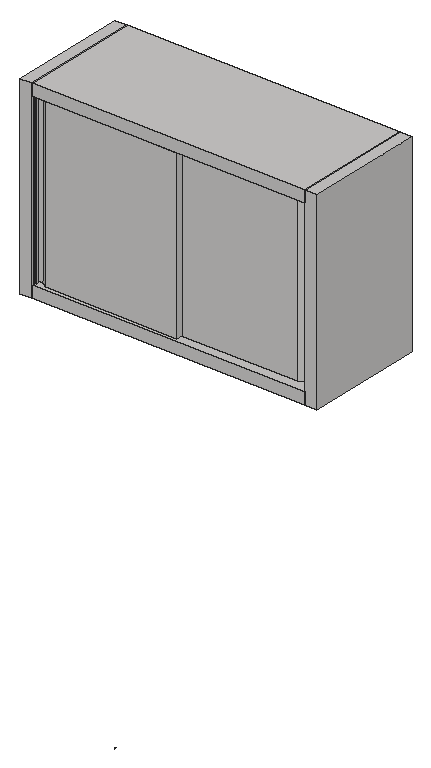
Revit family "QF_ELECTROLUXPROFESSIONAL_133209_PSS1000LCN", category Attrezzature speciali, Revit 2020
Family settings
  Quota connettore circolare = Usa diametro
  Tipo di parte = Normale
  Basato su piano di lavoro = No
  Sempre verticale = Sì
  Taglio con vuoti quando caricato = No
  Condiviso = No
  Punto di calcolo locali = No
Parameters (values of type "Standard")
  Weight = 24.00 kg
  Watts = 0 W
  Volts = 0 V
  URL Manufacturer = "https://www.electroluxprofessional.com/"
  URL = "https://www.electroluxprofessional.com/"
  Steam Supply Size = 0 mm
  Steam Supply Minimum Pressure = 0.0 Pa
  Steam Supply Maximum Pressure = 0.0 Pa
  Steam Consumption per Hour = 0
  Refrigeration Suction Line Size = 0.0 mm
  Refrigeration Liquid Line Size = 0.0 mm
  Refrigerant Compressor Remote = yes
  Prospetto di default = 0.0 mm
  Phase = 0
  Modello = "PSS1000LCN"
  Produttore = "Electrolux Professional"
  Length Actual = 1000.0 mm  # constant formula
  Item Number = "133209"
  Hot Water Size = 0 mm
  Height Actual = 650.0 mm  # constant formula
  HP = "0 HP"
  Gas Size = 0 mm
  Gas KW = 0
  Gas Input Pressure = 0 W
  Direct Waste Size = 0 mm
  Descrizione = "WALL CUPBOARD+ PLATE RACK 2 DOORS 1000MM"
  Depth Actual = 400.0 mm  # constant formula
  Cycle = 0 Hz
  Condensate Return Size = 0 mm
  Compressed Air Volume = 0.0 L/s
  Compressed Air Size = 0 mm
  Compressed Air Pressure = 0.0 Pa
  Cold Water Size = 0 mm
  Accessory = yes
Reference planes
  plane 1 "Center (Front/Back)": y = 0
  plane 2: z = 0
  plane 3 "Center (Left/Right)": x = -300
  plane 4 "LEFT": x = -800
  plane 5 "RIGHT": x = 200
  plane 6 "BACK": y = 200
  plane 7 "FRONT": y = -200
  plane 8 "Base": z = 2200
  plane 9 "BASE": z = 1550
  plane 10: x = -760
  plane 11: x = 160
  plane 12: y = -197
  plane 13: y = 150
  plane 14: y = 197
Forms (mm)
  Extrusion 1, solid, material "QF_Finishes_Stainless Steel"
    sketch origin (0, 0, 1550) x (-1, 0, 0) y (0, -1, 0)
      loop
        line (800, -200) -> (800, 200) -> (760, 200) -> (760, -200) -> (800, -200)
      loop
        line (-160, -200) -> (-160, 200) -> (-200, 200) -> (-200, -200) -> (-160, -200)
    from 0 to 650
  Extrusion 2, solid, material "QF_Finishes_Stainless Steel"
    sketch origin (0, 0, 1550) x (-1, 0, 0) y (0, -1, 0)
      loop
        line (760, -150) -> (760, 200) -> (-160, 200) -> (-160, -150) -> (760, -150)
    from 0 to 40
  Extrusion 3, solid, material "QF_Finishes_Stainless Steel"
    sketch origin (0, 0, 0) x (1, 0, 0) y (0, 1, 0)
      loop
        line (-760, -200) -> (160, -200) -> (160, 200) -> (-760, 200) -> (-760, -200)
    from 2160 to 2200
  Extrusion 4, solid, material "QF_Finishes_Stainless Steel"
    sketch origin (0, 0, 0) x (1, 0, 0) y (0, 1, 0)
      loop
        line (-273.481, -197) -> (-273.481, -177) -> (-757, -177) -> (-757, -197) -> (-747, -197) -> (-747, -194) -> (-754, -194) -> (-754, -182) -> (-737, -182) -> (-717, -197) -> (-273.481, -197)
    from 1597 to 2160
  Extrusion 5, solid, material "QF_Finishes_Stainless Steel"
    sketch origin (0, 0, 0) x (1, 0, 0) y (0, 1, 0)
      loop
        line (-326.5, -177) -> (117, -177) -> (137, -162) -> (154, -162) -> (154, -174) -> (147, -174) -> (147, -177) -> (157, -177) -> (157, -157) -> (-326.5, -157) -> (-326.5, -177)
    from 2160 to 1597
  Extrusion 6, solid, material "QF_Finishes_Stainless Steel"
    sketch origin (0, 0, 0) x (1, 0, 0) y (0, 1, 0)
      loop
        line (-273.481, 197) -> (-717, 197) -> (-737, 182) -> (-754, 182) -> (-754, 194) -> (-747, 194) -> (-747, 197) -> (-757, 197) -> (-757, 177) -> (-273.481, 177) -> (-273.481, 197)
    from 1597 to 2160
  Extrusion 7, solid, material "QF_Finishes_Stainless Steel"
    sketch origin (0, 0, 0) x (1, 0, 0) y (0, 1, 0)
      loop
        line (-326.5, 177) -> (-326.5, 157) -> (157, 157) -> (157, 177) -> (147, 177) -> (147, 174) -> (154, 174) -> (154, 162) -> (137, 162) -> (117, 177) -> (-326.5, 177)
    from 2160 to 1597
  Extrusion 8, solid, material "QF_Finishes_Stainless Steel"
    sketch origin (0, 0, 0) x (1, 0, 0) y (0, 1, 0)
      loop
        line (-800, 200) -> (-800, 199) -> (-799, 199) -> (-799, 200) -> (-800, 200)
    from 0 to 1
Lines and regions (mm)
  symbolic lines, style "SpecialityEquipmentHiddenLines"
    curve 1: line (157, -157, 0) -> (-326.5, -157, 0)
    curve 2: line (-326.5, -157, 0) -> (-326.5, -177, 0)
    curve 3: line (117, -177, 0) -> (-757, -177, 0)
    curve 4: line (-273.5, -177, 0) -> (-273.5, -197, 0)
    curve 5: line (-757, -177, 0) -> (-757, -197, 0)
    curve 6: line (-755, -182, 0) -> (-754, -182, 0)
    curve 20: line (157, 157, 0) -> (-326.5, 157, 0)
    curve 21: line (-326.5, 157, 0) -> (-326.5, 177, 0)
    curve 22: line (117, 177, 0) -> (-757, 177, 0)
    curve 23: line (-273.5, 177, 0) -> (-273.5, 197, 0)
    curve 24: line (-757, 177, 0) -> (-757, 197, 0)
    curve 25: line (-755, 182, 0) -> (-754, 182, 0)
    curve 41: line (-717, -197, 0) -> (-273.5, -197, 0)
    curve 42: line (-757, -197, 0) -> (-747, -197, 0)
    curve 43: line (-747, 197, 0) -> (-757, 197, 0)
    curve 44: line (-717, 197, 0) -> (-273.5, 197, 0)
  symbolic lines
    curve 7: line (-800, 200, 0) -> (200, -200, 0)
    curve 8: line (200, 200, 0) -> (-800, -200, 0)
    curve 9: line (-755, -182, 0) -> (-717, -197, 0)
    curve 10: line (-754, -182, 0) -> (-754, -194, 0)
    curve 11: line (-754, -194, 0) -> (-747, -194, 0)
    curve 12: line (-747, -194, 0) -> (-747, -197, 0)
    curve 13: line (157, -157, 0) -> (157, -177, 0)
    curve 14: line (157, -177, 0) -> (147, -177, 0)
    curve 15: line (147, -177, 0) -> (147, -174, 0)
    curve 16: line (147, -174, 0) -> (154, -174, 0)
    curve 17: line (154, -174, 0) -> (154, -162, 0)
    curve 18: line (154, -162, 0) -> (137, -162, 0)
    curve 19: line (117, -177, 0) -> (137, -162, 0)
    curve 26: line (-755, 182, 0) -> (-717, 197, 0)
    curve 27: line (-754, 182, 0) -> (-754, 194, 0)
    curve 28: line (-754, 194, 0) -> (-747, 194, 0)
    curve 29: line (-747, 194, 0) -> (-747, 197, 0)
    curve 30: line (157, 157, 0) -> (157, 177, 0)
    curve 31: line (157, 177, 0) -> (147, 177, 0)
    curve 32: line (147, 177, 0) -> (147, 174, 0)
    curve 33: line (147, 174, 0) -> (154, 174, 0)
    curve 34: line (154, 174, 0) -> (154, 162, 0)
    curve 35: line (154, 162, 0) -> (137, 162, 0)
    curve 36: line (117, 177, 0) -> (137, 162, 0)
    curve 37: line (-800, 200, 0) -> (200, 200, 0)
    curve 38: line (-800, -200, 0) -> (-800, 200, 0)
    curve 39: line (200, -200, 0) -> (-800, -200, 0)
    curve 40: line (200, 200, 0) -> (200, -200, 0)
Dimensions and locks
  plane 4 "LEFT" to plane 5 "RIGHT" = 1000.0 mm
  equal spacing: plane 4 "LEFT", plane 3 "Center (Left/Right)", plane 5 "RIGHT"
  plane 6 "BACK" to plane 7 "FRONT" = 400.0 mm
  equal spacing: plane 6 "BACK", plane 1 "Center (Front/Back)", plane 7 "FRONT"
  plane 9 "BASE" to level = 1550.0 mm
  locked: plane 4 "LEFT" to plane 10 at 40
  locked: plane 11 to plane 5 "RIGHT" at 40
  plane 12 to plane 7 "FRONT" = 3.0 mm
  plane 6 "BACK" to plane 13 = 50.0 mm
  locked: plane 8 "Base" to plane 9 "BASE" at 650
  aligned and locked: level to plane 2
  aligned and locked: plane 8 "Base" to Extrusion 1
  aligned and locked: plane 6 "BACK" to Extrusion 1 sketch curve
  aligned and locked: Extrusion 1 sketch curve to plane 6 "BACK"
  aligned and locked: plane 7 "FRONT" to Extrusion 1 sketch curve
  aligned and locked: Extrusion 1 sketch curve to plane 7 "FRONT"
  aligned and locked: plane 10 to Extrusion 1
  aligned and locked: Extrusion 1 to plane 11
  aligned and locked: Extrusion 2 to plane 10
  aligned and locked: plane 11 to Extrusion 2
  aligned and locked: plane 8 "Base" to Extrusion 3
  aligned and locked: Extrusion 2 to plane 13
  aligned and locked: Extrusion 3 to plane 7 "FRONT"
  aligned and locked: Extrusion 2 to plane 7 "FRONT"
Automatic sketch dimensions
  Extrusion 1 sketch curve to plane 5 "RIGHT" = 0.0 mm
  Extrusion 1 sketch curve to plane 11 = 0.0 mm
  Extrusion 1 sketch curve to plane 10 = 0.0 mm
  Extrusion 1 sketch curve to plane 4 "LEFT" = 0.0 mm
  Extrusion 2 sketch curve to plane 11 = 0.0 mm
  Extrusion 2 sketch curve to plane 10 = 0.0 mm
  plane 13 to Extrusion 2 sketch curve = 0.0 mm
  Extrusion 2 sketch curve to plane 12 = 3.0 mm
  Extrusion 3 sketch curve to plane 10 = 0.0 mm
  Extrusion 3 sketch curve to plane 11 = 0.0 mm
  Extrusion 3 sketch curve to plane 12 = 3.0 mm
  Extrusion 3 sketch curve to plane 14 = 3.0 mm
  Extrusion 4 sketch curve to plane 12 = 0.0 mm  (x2)
  plane 10 to Extrusion 4 sketch curve = 3.0 mm
  Extrusion 4 sketch curve to Extrusion 4 sketch curve = 3.0 mm
  Extrusion 4 sketch curve to Extrusion 4 sketch curve = 7.0 mm
  Extrusion 4 sketch curve to Extrusion 4 sketch curve = 10.0 mm
  plane 3 "Center (Left/Right)" to Extrusion 4 sketch curve = 26.519 mm
  plane 12 to Extrusion 4 sketch curve = 3.0 mm
  Extrusion 4 sketch curve to Extrusion 4 sketch curve = 12.0 mm
  Extrusion 4 sketch curve to Extrusion 4 sketch curve = 20.0 mm  (x2)
  Extrusion 4 sketch curve to Extrusion 4 sketch curve = 0.0 mm
  Extrusion 5 sketch curve to plane 3 "Center (Left/Right)" = 26.5 mm
  plane 12 to Extrusion 5 sketch curve = 20.0 mm  (x2)
  Extrusion 5 sketch curve to plane 11 = 43.0 mm
  Extrusion 5 sketch curve to plane 11 = 23.0 mm
  Extrusion 5 sketch curve to plane 11 = 13.0 mm
  Extrusion 5 sketch curve to plane 11 = 6.0 mm
  Extrusion 5 sketch curve to plane 11 = 3.0 mm
  Extrusion 5 sketch curve to Extrusion 5 sketch curve = 3.0 mm
  Extrusion 5 sketch curve to Extrusion 5 sketch curve = 12.0 mm
  Extrusion 5 sketch curve to Extrusion 5 sketch curve = 20.0 mm
  plane 14 to Extrusion 6 sketch curve = 0.0 mm  (x2)
  Extrusion 6 sketch curve to plane 10 = 3.0 mm
  Extrusion 6 sketch curve to Extrusion 6 sketch curve = 3.0 mm
  Extrusion 6 sketch curve to Extrusion 6 sketch curve = 7.0 mm
  Extrusion 6 sketch curve to Extrusion 6 sketch curve = 10.0 mm
  Extrusion 6 sketch curve to plane 3 "Center (Left/Right)" = 26.519 mm
  Extrusion 6 sketch curve to plane 14 = 3.0 mm
  Extrusion 6 sketch curve to Extrusion 6 sketch curve = 12.0 mm
  Extrusion 6 sketch curve to Extrusion 6 sketch curve = 20.0 mm  (x2)
  Extrusion 6 sketch curve to Extrusion 6 sketch curve = 0.0 mm
  plane 3 "Center (Left/Right)" to Extrusion 7 sketch curve = 26.5 mm
  Extrusion 7 sketch curve to plane 14 = 20.0 mm  (x2)
  plane 11 to Extrusion 7 sketch curve = 43.0 mm
  plane 11 to Extrusion 7 sketch curve = 23.0 mm
  plane 11 to Extrusion 7 sketch curve = 13.0 mm
  plane 11 to Extrusion 7 sketch curve = 6.0 mm
  plane 11 to Extrusion 7 sketch curve = 3.0 mm
  Extrusion 7 sketch curve to Extrusion 7 sketch curve = 3.0 mm
  Extrusion 7 sketch curve to Extrusion 7 sketch curve = 12.0 mm
  plane 13 to Extrusion 7 sketch curve = 7.0 mm
  Extrusion 8 sketch curve to plane 6 "BACK" = 0.0 mm
  Extrusion 8 sketch curve to plane 4 "LEFT" = 0.0 mm
  plane 4 "LEFT" to Extrusion 8 sketch curve = 1.0 mm
  Extrusion 8 sketch curve to plane 6 "BACK" = 1.0 mm
  curve 39 to plane 4 "LEFT" = 0.0 mm
  curve 5 to plane 12 = 0.0 mm
  plane 14 to curve 24 = 0.0 mm
  curve 41 to plane 12 = 0.0 mm
  plane 14 to curve 26 = 0.0 mm
  curve 40 to plane 5 "RIGHT" = 0.0 mm
  curve 7 to plane 7 "FRONT" = 0.0 mm
  curve 7 to plane 6 "BACK" = 0.0 mm
  plane 10 to curve 24 = 3.0 mm
  plane 10 to curve 5 = 3.0 mm
  curve 24 to curve 27 = 3.0 mm
  curve 3 to curve 6 = 3.0 mm
  plane 12 to curve 12 = 3.0 mm
  curve 10 to curve 12 = 7.0 mm
  curve 27 to curve 29 = 7.0 mm
  curve 12 to curve 41 = 30.0 mm
  curve 29 to curve 26 = 30.0 mm
  curve 1 to plane 3 "Center (Left/Right)" = 26.5 mm
  curve 20 to plane 13 = 7.0 mm
  curve 20 to plane 3 "Center (Left/Right)" = 26.5 mm
  plane 3 "Center (Left/Right)" to curve 23 = 26.5 mm
  plane 3 "Center (Left/Right)" to curve 41 = 26.5 mm
  plane 12 to curve 3 = 20.0 mm
  curve 3 to plane 11 = 43.0 mm
  plane 14 to curve 36 = 20.0 mm
  curve 36 to plane 11 = 43.0 mm
  curve 36 to plane 11 = 23.0 mm
  curve 18 to plane 11 = 23.0 mm
  curve 14 to plane 11 = 13.0 mm
  curve 31 to plane 11 = 13.0 mm
  curve 34 to plane 11 = 6.0 mm
  curve 17 to plane 11 = 6.0 mm
  curve 31 to plane 11 = 3.0 mm
  curve 13 to plane 11 = 3.0 mm
  curve 6 to curve 3 = 5.0 mm
  plane 12 to curve 13 = 20.0 mm
  curve 14 to curve 16 = 3.0 mm
  curve 15 to curve 19 = 12.0 mm
  curve 2 to curve 2 = 20.0 mm
  curve 20 to curve 35 = 5.0 mm
  curve 34 to curve 33 = 12.0 mm
  curve 33 to curve 30 = 3.0 mm
  curve 22 to curve 25 = 5.0 mm
  plane 14 to curve 28 = 3.0 mm
  plane 14 to curve 26 = 15.0 mm
  plane 12 to curve 9 = 15.0 mm
